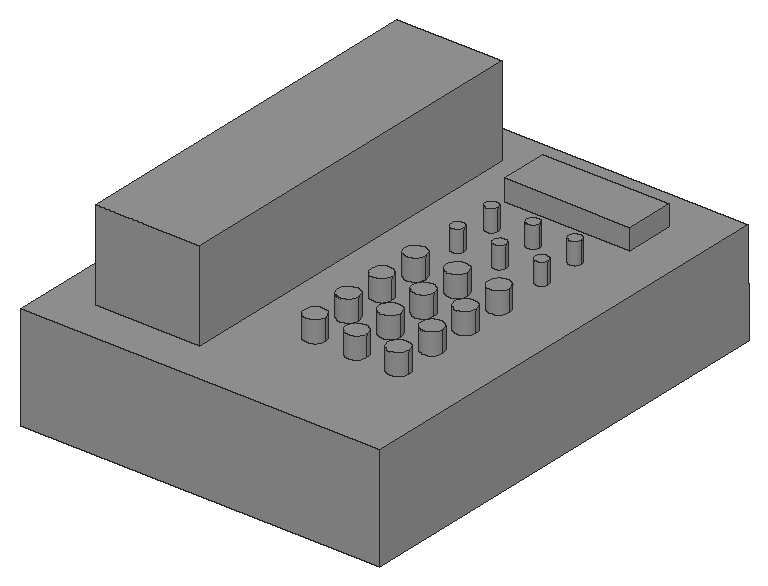
Revit family "AVLN_Проводной телефон", category Мебель, Revit 2019
Family settings
  Номер OmniClass = 23.40.20.00
  Заголовок OmniClass = General Furniture and Specialties
  На основе рабочей плоскости = Нет
  Всегда вертикально = Да
  При загрузке вырезать с полостями = Нет
  Общий = Нет
  Точка расчета площади = Нет
Parameters (values of type "Проводной телефон")
  Описание = "Проводной телефон с функциями AOH, Caller ID. 172x220x93мм"
  М.основы = Металл, окрашенный, белый, матовый
  Type Comments = ""
  Keynote = ""
  Manufacturer = ""
  Группа модели = "Оборудование поликлиники"
  ADSK_Размер_Ширина = 220 mm
  ADSK_Размер_Длина = 172 mm
  ADSK_Размер_Высота = 93 mm
  ADSK_Примечание [instance] = ""
  ADSK_Обозначение = ""
  ADSK_Наименование = "Проводной телефон с функциями AOH, Caller ID. 172x220x93мм"
  ADSK_Масса = 0
  ADSK_Марка = ""
  ADSK_Код изделия = ""
  ADSK_Единица измерения = "шт"  # constant formula
Reference planes
  plane 1 "По центру (Вперед/Назад)": y = 0
  plane 2: z = 0
  plane 3 "По центру (Влево/Вправо)": x = 0
  plane 4: z = 93
  plane 5: y = 110
  plane 6: x = 86
  plane 7: x = -86
  plane 8: y = -110
  plane 9: y = -280
Forms (mm)
  Extrusion 1, solid, material "Металл, окрашенный, белый, матовый" <- "М.основы"
    sketch origin (0, -518.993, 592.976) x (-1, 0, 0) y (0, -1, 0)
      loop
        line (86, -628.993) -> (86, -408.993) -> (-86, -408.993) -> (-86, -628.993) -> (86, -628.993)
    from -592.976 to -542.976
  Extrusion 2, solid, material "Металл, окрашенный, белый, матовый" <- "М.основы"
    sketch origin (-1498.662, -903.524, 592.976) x (-1, 0, 0) y (0, -1, 0)
      loop
        line (-1432.662, -993.524) -> (-1432.662, -813.524) -> (-1482.662, -813.524) -> (-1482.662, -993.524) -> (-1432.662, -993.524)
    from -542.976 to -499.976
  Extrusion 3, solid, material "Металл, окрашенный, белый, матовый" <- "М.основы"
    sketch origin (-1498.662, -903.524, 592.976) x (-1, 0, 0) y (0, -1, 0)
      loop
        circle (-1511.778, -905.626) r 5
      loop
        circle (-1511.778, -885.626) r 5
      loop
        circle (-1511.778, -865.626) r 5
      loop
        circle (-1511.778, -845.626) r 5
      loop
        circle (-1511.778, -931.138) r 3
      loop
        circle (-1511.778, -951.138) r 3
      loop
        circle (-1531.778, -905.626) r 5
      loop
        circle (-1531.778, -885.626) r 5
      loop
        circle (-1531.778, -865.626) r 5
      loop
        circle (-1531.778, -845.626) r 5
      loop
        circle (-1531.778, -931.138) r 3
      loop
        circle (-1531.778, -951.138) r 3
      loop
        circle (-1551.778, -905.626) r 5
      loop
        circle (-1551.778, -885.626) r 5
      loop
        circle (-1551.778, -865.626) r 5
      loop
        circle (-1551.778, -845.626) r 5
      loop
        circle (-1551.778, -931.138) r 3
      loop
        circle (-1551.778, -951.138) r 3
      loop
        line (-1502.662, -993.524) -> (-1502.662, -970.335) -> (-1562.662, -970.335) -> (-1562.662, -993.524) -> (-1502.662, -993.524)
    from -542.976 to -532.976
Dimensions and locks
  plane 2 to plane 4 = 93 mm
  equal spacing: plane 8, plane 1 "По центру (Вперед/Назад)", plane 5
  equal spacing: plane 7, plane 3 "По центру (Влево/Вправо)", plane 6
  "ADSK_Размер_Длина": plane 7 to plane 6
  "ADSK_Размер_Ширина": plane 5 to plane 8
  "ADSK_Размер_Высота": plane 2 to plane 4
  plane 8 to plane 9 = 170 mm
  locked: plane 2 to Extrusion 1 at 50
  locked: plane 2 to Extrusion 3 at 60
  aligned and locked: level to plane 2
  aligned and locked: plane 8 to Extrusion 1 sketch curve
  aligned and locked: Extrusion 1 sketch curve to plane 6
  aligned and locked: Extrusion 1 to level
  aligned and locked: Extrusion 2 to Extrusion 1
  aligned and locked: Extrusion 2 to plane 4
  aligned and locked: Extrusion 3 to Extrusion 1
Automatic sketch dimensions
  Extrusion 1 sketch curve to plane 5 = 0 mm
  Extrusion 1 sketch curve to plane 7 = 0 mm
  Extrusion 2 sketch curve to plane 5 = 20 mm
  Extrusion 2 sketch curve to plane 6 = 102 mm
  Extrusion 2 sketch curve to Extrusion 2 sketch curve = 50 mm
  Extrusion 2 sketch curve to Extrusion 2 sketch curve = 180 mm
  Extrusion 3 sketch curve to plane 5 = 20 mm
  Extrusion 3 sketch curve to plane 6 = 22 mm
  Extrusion 3 sketch curve to Extrusion 3 sketch curve = 10.885 mm
  Extrusion 3 sketch curve to Extrusion 3 sketch curve = 0 mm  (x16)
  Extrusion 3 sketch curve to Extrusion 3 sketch curve = 20 mm  (x16)
  Extrusion 3 sketch curve to Extrusion 3 sketch curve = 9.115 mm
  Extrusion 3 sketch curve to Extrusion 3 sketch curve = 23.189 mm
  Extrusion 3 sketch curve to Extrusion 3 sketch curve = 19.198 mm
  Extrusion 3 sketch curve to Extrusion 3 sketch curve = 25.512 mm  (x2)
  radius of Extrusion 3 sketch curve = 5 mm  (x12)
  radius of Extrusion 3 sketch curve = 3 mm  (x6)
